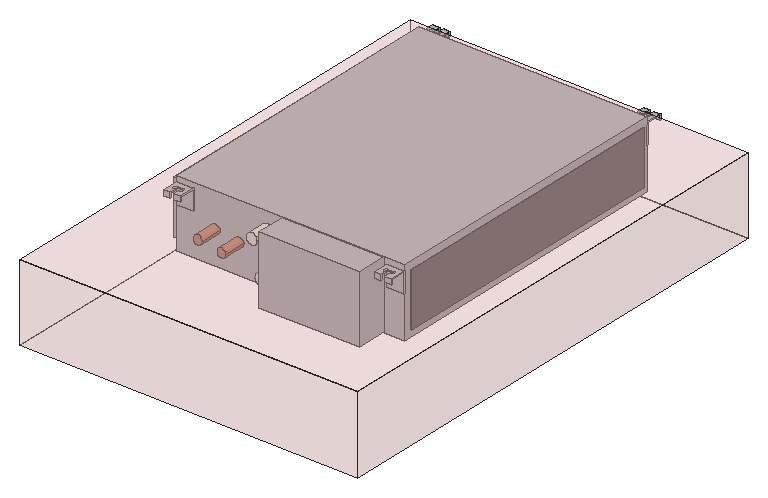
Revit family "PEFY-WP32VMS1-E_Service_Area3", category Mechanical Equipment, host Ceiling, Revit 2012
Parameters (values of type "PEFY-WP32VMS1-E_240V_60Hz")
  Description = "Ceiling concealed"
  Manufacturer = "Mitsubishi Electric Corporation"
  Model = "PEFY-WP32VMS1-E"
  Width = 990 mm
  Water Pipe_radius (To HBC Unit) = 13.2 mm
  Water Pipe_radius (From HBC Unit) = 13.2 mm
  WarrantyStart = ""
  Voltage = 240 V
  Unit Weight (kg) = 25
  URL = "http://www.mitsubishielectric.com/"
  TagNumber = 0
  Subcategory = "HVAC"
  Space View = yes
  Sound Pressure Level_Mid (dB(A)) = 30
  Sound Pressure Level_Low (dB(A)) = 28
  Sound Pressure Level_High (dB(A)) = 33
  SerialNumber = 0
  ReplacementYear = ""
  Protection Device = "Fuse"
  Phase = 1
  Maximum Circuit Ampacity (A) = 0.82
  InstallationDate = ""
  Hertz = 60 Hz
  Height = 200 mm
  Heating Power Input (kW) = 0.051
  Heating Current (A) = 0.5
  Heating Capacity (kW) = 4
  Fan_Type = "Sirocco fan"
  Fan_Quantity = 3
  Fan Motor Output (kW) = 0.096
  External_static_pressure (Pa) = "5-15-35-50"
  External Finish = "Galvanized steel plate"
  Equip_description = ""
  Equip_No. = 0
  Equip_ID = ""
  Drain pipe2_radius = 16 mm
  Drain pipe1_radius = 16 mm
  Description = ""
  Depth = 700 mm
  CreatedOn = ""
  CreatedBy = ""
  Cooling Power Input (kW) = 0.071
  Cooling Current (A) = 0.61
  Cooling Capacity (kW) = 3.6
  Category = ""
  Barcode = ""
  AssetIdentifier = ""
  Airflow Rate_Mid (m3/min) = 9
  Airflow Rate_Mid (m3/h) = 540
  Airflow Rate_Low (m3/min) = 8
  Airflow Rate_Low (m3/h) = 480
  Airflow Rate_High (m3/min) = 11
  Airflow Rate_High (m3/h) = 660
Types (6, lengths in mm): name | Voltage | Maximum Circuit Ampacity (A) | Hertz
  PEFY-WP32VMS1-E_220V_50Hz | 220 V | 0.83 | 50 Hz
  PEFY-WP32VMS1-E_220V_60Hz | 220 V | 0.82 | 60 Hz
  PEFY-WP32VMS1-E_230V_50Hz | 230 V | 0.83 | 50 Hz
  PEFY-WP32VMS1-E_230V_60Hz | 230 V | 0.82 | 60 Hz
  PEFY-WP32VMS1-E_240V_50Hz | 240 V | 0.83 | 50 Hz
  PEFY-WP32VMS1-E_240V_60Hz | 240 V | 0.82 | 60 Hz
Reference planes
  plane 1 "Center (Front/Back)": y = 0
  plane 2: z = 0
  plane 3 "Center (Left/Right)": x = 0
  plane 4 "Ceiling": z = 4030
  plane 5: z = 4050
  plane 6: z = 4250
  plane 7: y = -875
  plane 8: y = -450
  plane 9: y = 350
  plane 10: y = 450
  plane 11: z = 4235
  plane 12: x = 325
  plane 13: x = 350
  plane 14: x = -300
  plane 15: x = -350
  plane 16: z = 4230
  plane 17: x = -57
  plane 18: z = 4202
  plane 19: z = 4080
  plane 20: x = -211
  plane 21: x = -141
  plane 22: z = 4148
  plane 23: z = 4138
  plane 24: y = -1000
  plane 25: y = -450
  plane 26: y = -430
  plane 27: y = -540
Forms (mm)
  Extrusion 1, solid, material "Plated steel"
    sketch origin (88.259, -237.375, 3750) x (1, 0, 0) y (0, 1, 0)
      loop
        line (-415.259, 687.375) -> (-415.259, -212.625) -> (261.741, -212.625) -> (261.741, 687.375) -> (-415.259, 687.375)
    from 300 to 500
  Extrusion 2, solid, material "Service space", visible <- "Space View"
    sketch origin (-2000, 6100, 4050) x (0, 1, 0) y (1, 0, 0)
      loop
        line (-7100, 1650) -> (-5650, 1650) -> (-5650, 2650) -> (-7100, 2650) -> (-7100, 1650)
    from 20 to -210
  Extrusion 3, solid
    sketch origin (0, 100, 0) x (0, 1, 0) y (0, 0, 1)
      loop
        line (-530, 4230) -> (-530, 4071) -> (330, 4071) -> (330, 4230) -> (-530, 4230)
    from 350 to 355
  Extrusion 4, solid
    sketch origin (-350, 100, 4250) x (0, 0, 1) y (0, -1, 0)
      loop
        line (-20, 530) -> (-179, 530) -> (-179, -330) -> (-20, -330) -> (-20, 530)
    from 0 to 23
  Extrusion 5, solid
    sketch origin (794.259, -450, 3750) x (-1, 0, 0) y (0, 0, -1)
      loop
        circle (851.259, -452) r 16
    from 0 to 57
  Extrusion 6, solid
    sketch origin (794.259, -450, 3750) x (-1, 0, 0) y (0, 0, -1)
      loop
        circle (851.259, -330) r 16
    from 0 to 25
  Extrusion 7, solid
    sketch origin (794.259, -450, 3750) x (-1, 0, 0) y (0, 0, -1)
      loop
        line (505.751, -500) -> (805.751, -500) -> (805.751, -300) -> (505.751, -300) -> (505.751, -500)
    from 0 to 90
  Extrusion 8, solid
    sketch origin (794.259, -450, 3750) x (-1, 0, 0) y (0, 0, -1)
      loop
        circle (1005.259, -398) r 13.2
      loop
        circle (935.259, -388) r 13.2
    from 0 to 64
Lines and regions (mm)
  model lines, visible <- "Space View"
    curve 1: line (-400, 500, 4030) -> (377, 500, 4030)
    curve 2: line (-400, -1000, 4030) -> (-400, 500, 4030)
    curve 3: line (377, -1000, 4030) -> (-400, -1000, 4030)
    curve 4: line (377, 500, 4030) -> (377, -1000, 4030)
Dimensions and locks
  equal spacing: host sketch curve, plane 3 "Center (Left/Right)", host sketch curve
  equal spacing: host sketch curve, plane 1 "Center (Front/Back)", host sketch curve
  host sketch curve to host sketch curve = 4000 mm  (x2)
  locked: plane 4 "Ceiling" to host ceiling at 0
  Extrusion 1 to Extrusion 1 = 900 mm
  Extrusion 1 to plane 1 "Center (Front/Back)" = 450 mm
  plane 5 to Extrusion 1 = 200 mm
  plane 6 to plane 5 = 200 mm
  Extrusion 1 to plane 7 = 425 mm
  plane 4 "Ceiling" to plane 5 = 20 mm
  Extrusion 1 to Extrusion 1 = 677 mm
  plane 8 to plane 10 = 900 mm
  locked: plane 11 to plane 6 at 15
  locked: plane 16 to plane 6 at 20
  locked: Extrusion 3 to plane 16 at 159
  locked: Extrusion 4 to plane 16 at 159
  plane 6 to plane 18 to plane 19 = 48 mm locked, 122 mm locked
  locked: Extrusion 7 to Extrusion 7 at 200
  plane 6 to plane 22 to plane 23 = 102 mm locked, 10 mm locked
  plane 15 to curve 4 = 727 mm
  aligned and locked: plane 5 to Extrusion 1
  aligned and locked: Extrusion 1 to plane 6
  aligned and locked: plane 8 to Extrusion 1
  aligned and locked: plane 10 to Extrusion 1
  aligned and locked: nested 1 to Extrusion 1
  aligned and locked: nested 1 to plane 14
  aligned and locked: nested 1 to plane 11
  aligned and locked: nested 2 to plane 11
  aligned and locked: plane 11 to nested 4
  aligned and locked: plane 11 to nested 3
  aligned and locked: nested 4 to plane 10
  aligned and locked: nested 3 to plane 10
  aligned and locked: Extrusion 3 to plane 16
  aligned and locked: Extrusion 4 to plane 16
  aligned and locked: plane 8 to nested 2
  aligned and locked: plane 18 to Extrusion 5
  aligned and locked: plane 19 to Extrusion 6
  aligned and locked: Extrusion 7 to plane 6
  aligned and locked: plane 22 to Extrusion 8
  aligned and locked: plane 23 to Extrusion 8
Nested families
  nested 1: "LEG" at (-300, -476, 4235), type "LEG_28"
  nested 2: "LEG" at (325, -476, 4235), type "LEG_28"
  nested 3: "LEG" at (-300, 476, 4235), type "LEG_28"
  nested 4: "LEG" at (325, 476, 4235), type "LEG_28"
Connectors
  piping at (-57, -507, 4202), driven by "Drain pipe1_radius"
    settings: on Extrusion 5, index 1, connector radius 16 mm, flow factor 0, pipe flow 0.0 L/s, pressure drop 0.0 Pa, fitting loss kfactor 0, connector angle 0.00°, fixture units 0, engagement length 0 mm, flow configuration 0, flow direction 2, fitting loss method 0, system type 22, joint type 0, gender type 0, connector reference index -1, connector utility 0, adjustable connector no, is connector primary yes, fitting loss table "", connector description "Drain pipe"
  piping at (-57, -475, 4080), driven by "Drain pipe2_radius"
    settings: on Extrusion 6, index 2, connector radius 16 mm, flow factor 0, pipe flow 0.0 L/s, pressure drop 0.0 Pa, fitting loss kfactor 0, connector angle 0.00°, fixture units 0, engagement length 0 mm, flow configuration 0, flow direction 2, fitting loss method 0, system type 22, joint type 0, gender type 0, connector reference index -1, connector utility 0, adjustable connector no, is connector primary no, fitting loss table "", connector description "Drain pipe"
  piping at (-211, -514, 4148)
    settings: on Extrusion 8, index 4, connector radius 13.2 mm, flow factor 0, pipe flow 0.0 L/s, pressure drop 0.0 Pa, fitting loss kfactor 0, connector angle 0.00°, fixture units 0, engagement length 0 mm, flow configuration 0, flow direction 2, fitting loss method 0, system type 22, joint type 0, gender type 0, connector reference index -1, connector utility 0, adjustable connector no, is connector primary no, fitting loss table "", connector description "Water pipe(To HBC unit)"
  hvac at (355, 0, 4150.5)
    settings: on Extrusion 3, index 5, duct flow 0.0 L/s, flow factor 0, pres drop 0.0 Pa, loss coef 0, conn angle 0.00°, conn width 860 mm, conn height 160 mm, conn radius 304.8 mm, duct sys type 1, conn prof type 1, flow config 0, flow direction 1, loss method 0, conn ref index -1, conn util no, is conn primary yes, conn desc "Air inlet"
  hvac at (-350, 0, 4150.5)
    settings: on Extrusion 4, index 6, duct flow 0.0 L/s, flow factor 0, pres drop 0.0 Pa, loss coef 0, conn angle 0.00°, conn width 860 mm, conn height 150 mm, conn radius 304.8 mm, duct sys type 3, conn prof type 1, flow config 0, flow direction 2, loss method 0, conn ref index -1, conn util no, is conn primary no, conn desc "Air outlet"
  piping at (-141, -514, 4138)
    settings: on Extrusion 8, index 7, connector radius 13.2 mm, flow factor 0, pipe flow 0.0 L/s, pressure drop 0.0 Pa, fitting loss kfactor 0, connector angle 0.00°, fixture units 0, engagement length 0 mm, flow configuration 0, flow direction 1, fitting loss method 0, system type 22, joint type 0, gender type 0, connector reference index -1, connector utility 0, adjustable connector no, is connector primary no, fitting loss table "", connector description "Water pipe(From HBC unit)"
  electrical at (288.508, -495, 4150), driven by "Phase", driven by "Voltage"
    settings: on Extrusion 7, index 8, voltage 240 V, apparent load 0 VA, apparent load phase1 0 VA, apparent load phase2 0 VA, apparent load phase3 0 VA, power factor 1, load classification "Other", number of poles 1, system type 30, power factor state 1, is connector primary yes, connector utility no, sub classification motor no, connector description ""
Definition of nested family "LEG"
  Parameters (values of type "LEG_28")
    product distance = 28 mm
  Reference planes
    plane 1 "中心(正面/背面)": y = 0
    plane 2: z = 0
    plane 3 "中心(左/右)": x = 0
    plane 4: x = -25
    plane 5: x = 25
    plane 6: y = -23
    plane 7: y = 28
    plane 8: x = -8
    plane 9: x = 8
    plane 10: x = -6
    plane 11: x = 6
  Forms (mm)
    Extrusion 1, solid, material "Plated steel"
      sketch origin (0, 0, 0) x (1, 0, 0) y (0, 1, 0)
        loop
          line (-25, 26) -> (-25, -23) -> (25, -23) -> (25, 26) -> (-25, 26)
      from 0 to -60
    Extrusion 2, void
      sketch origin (0, 0, 0) x (0, 1, 0) y (0, 0, 1)
        loop
          line (-20.7, -2.3) -> (-20.7, -15) -> (-23, -15) -> (-23, -60) -> (24, -60) -> (24, -2.3) -> (-20.7, -2.3)
      from -25 to 25
    Extrusion 3, void
      sketch origin (0, 0, 0) x (1, 0, 0) y (0, 1, 0)
        loop
          arc (-8, 7) -> (-15, 0) -> (-8, -7) r 7
          line (-8, -7) -> (-6, -7) -> (-6, -23) -> (6, -23) -> (6, -7) -> (8, -7)
          arc (8, -7) -> (15, 0) -> (8, 7) r 7
          line (8, 7) -> (-8, 7)
      from 0 to -60
  Cuts and joins
    Extrusion 2, Extrusion 3 cuts Extrusion 1
  Dimensions and locks
    locked: Extrusion 1 sketch curve to Extrusion 1 sketch curve at 50
    equal spacing: Extrusion 1 sketch curve, plane 3 "中心(左/右)", Extrusion 1 sketch curve
    locked: plane 6 to plane 1 "中心(正面/背面)" at 23
    "product distance": plane 1 "中心(正面/背面)" to plane 7
    plane 7 to Extrusion 2 sketch curve = 4 mm
    locked: cut or joined group of Extrusion 1, Extrusion 2, Extrusion 3 to cut or joined group of Extrusion 1, Extrusion 2, Extrusion 3 at 2.3  (x2)
    aligned and locked: level to plane 2
    aligned and locked: Extrusion 2 to Extrusion 1
    aligned and locked: Extrusion 1 to Extrusion 2
    aligned and locked: Extrusion 2 sketch curve to cut or joined group of Extrusion 1, Extrusion 2, Extrusion 3  (x2)
    aligned and locked: cut or joined group of Extrusion 1, Extrusion 2, Extrusion 3 to Extrusion 3 sketch curve
    aligned and locked: plane 6 to Extrusion 1 sketch curve
  Automatic sketch dimensions
    Extrusion 2 sketch curve to plane 6 = 2.3 mm
    Extrusion 2 sketch curve to level = 15 mm
    Extrusion 2 sketch curve to level = 2.3 mm
    plane 1 "中心(正面/背面)" to Extrusion 3 sketch curve = 0 mm  (x2)
    Extrusion 3 sketch curve to plane 8 = 0 mm
    Extrusion 3 sketch curve to plane 10 = 0 mm
    Extrusion 3 sketch curve to plane 11 = 0 mm
    Extrusion 3 sketch curve to plane 9 = 0 mm  (x2)
    plane 1 "中心(正面/背面)" to Extrusion 3 sketch curve = 7 mm
    plane 7 to Extrusion 1 sketch curve = 2 mm
